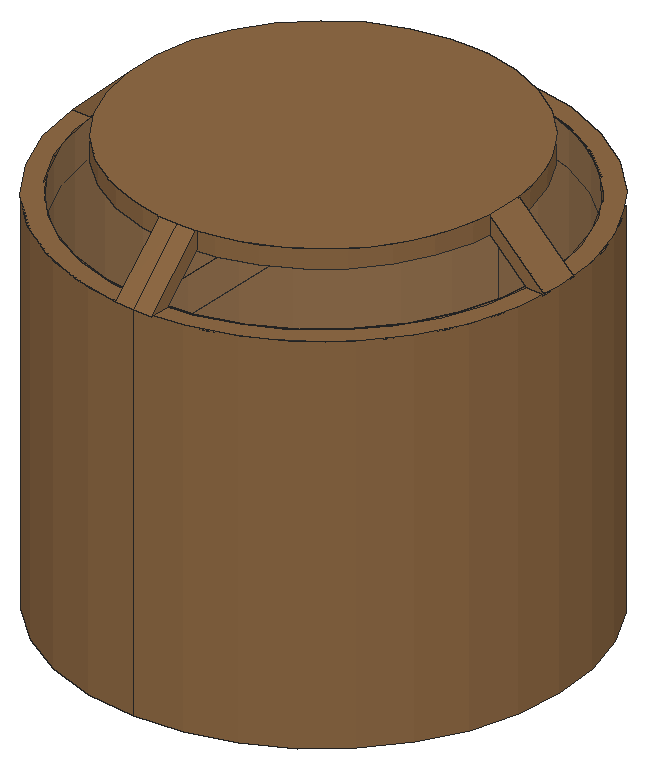
Revit family "LTV8DM", category Lighting Fixtures, host Face, Revit 2021
Family settings
  Host = Face
  Round Connector Dimension = Use Diameter
  Part Type = Normal
  OmniClass Number = 23.80.70.14.14
  OmniClass Title = Exterior Floodlights
  Cut with Voids When Loaded = No
  Light Source = Yes
  Shared = No
  Room Calculation Point = No
Parameters (values of type "LTV81DM")
  Wattage = 9.2903 W
  built-in parameter 1150110 = 1 (stored number, unit not read)
  Voltage = 120 V
  URL = "https://www.currentlighting.com/kimlighting"
  built-in parameter 1114217 = 1 (stored number, unit not read)
  Tilt Angle = 90.00°
  built-in parameter 1150109 = 1 (stored number, unit not read)
  built-in parameter 1150134 = 3
  built-in parameter 1150113 = 1 (stored number, unit not read)
  Product Page URL = ""
  Product Documentation Link = ""
  Power Factor = 1
  Photometric Web File = "ltv81dm-24l3k.ies"
  Photometric Notes = "More IES files download on Photometric Web Link"  # constant formula
  Nominal Watts = 31 W
  Model = "Lightvault® LTV8DM Directional Marker"  # constant formula
  Manufacturer = "Kim Lighting"  # constant formula
  built-in parameter 1150105 = 109.82 (stored number, unit not read)
  Lumens = 1380 lm
  built-in parameter 1150115 = 1 (stored number, unit not read)
  Load Classification = Lighting
  built-in parameter 1150137 = (empty or 0)
  built-in parameter 1150139 = (empty or 0)
  Glass = White Glass
  built-in parameter 1150112 = 1 (stored number, unit not read)
  built-in parameter 1150114 = 1 (stored number, unit not read)
  Lamp = "LED"
  built-in parameter 1150132 = (empty or 0)
  built-in parameter 1150102 = (empty or 0)
  built-in parameter 1150107 = 3200 (stored number, unit not read)
  built-in parameter 1150138 = (empty or 0)
  built-in parameter 1150106 = 1.0982 (stored number, unit not read)
  Fixture = LTV8D : LTV81DM
  Housing Material = Powdercoat - Bronze
  Emit from Circle Diameter = 4.000"
  Emit Shape Visible in Rendering = no
  built-in parameter 1150104 = 13.8 (stored number, unit not read)
  Dimming Lamp Color Temperature Shift = <None>
  Description = "Directional marker for drive way applications or path finding"  # constant formula
  Default Elevation = 48.000"
  Color Filter = 16777215
  built-in parameter 1114218 = 1 (stored number, unit not read)
  built-in parameter 1150133 = 10 (stored number, unit not read)
  Apparent Load = 0 VA
Types (3): name | Photometric Web File | Nominal Watts | Fixture
  LTV81DM | "ltv81dm-24l3k.ies" | 31 W | LTV8D : LTV81DM
  LTV82DM | "ltv82dm-18l3k.ies" | 23 W | LTV8D : LTV82DM
  LTV83DM | "ltv83dm-12l3k.ies" | 14 W | LTV8D : LTV83DM
Reference planes (in)
  plane 1 "Center (Front/Back)": y = 0
  plane 2: z = 0
  plane 3 "Center (Left/Right)": x = 0
Forms (in)
  Extrusion 1, void
    sketch origin (0, 0, 0) x (1, 0, 0) y (0, 1, 0)
      loop
        circle (0, 0) r 4
    from 0 to -10
Dimensions and locks (in)
  aligned and locked: plane 2 to host face
  aligned and locked: level to host face
  aligned and locked: plane 3 "Center (Left/Right)" to nested 1
  aligned and locked: plane 1 "Center (Front/Back)" to nested 1
  aligned and locked: plane 3 "Center (Left/Right)" to Extrusion 1 sketch curve
  aligned and locked: plane 1 "Center (Front/Back)" to Extrusion 1 sketch curve
  aligned and locked: level to Extrusion 1
Nested families (in)
  nested 1: "LTV8D" at (0, 0, 0), Lens <- "Glass", Finish <- "Housing Material", type <- "Fixture", type "LTV81DM"
    with Lens White Glass, Finish Powdercoat - Bronze, Height 1.4375", Diameter 13.000", Depth 10.000"
Connectors (in)
  electrical at (0, 0, -10), driven by "Voltage", driven by "Apparent Load", driven by "Power Factor", driven by "Load Classification"
    settings: on nested 1, index 1, voltage 120 V, apparent load 0 VA, apparent load phase1 0 VA, apparent load phase2 0 VA, apparent load phase3 0 VA, power factor 1, load classification "Lighting", number of poles 1, system type 30, power factor state 1, is connector primary yes, connector utility no, sub classification motor no, connector description "Lighting Connector"
Definition of nested family "LTV8D"
  Parameters
    URL = "http://www.kimlighting.com/"
    Product Page URL = ""
    Product Documentation Link = ""
    Manufacturer Phone = "626/968-5666"  # constant formula
    Manufacturer Fax = "626/968-5716"  # constant formula
    Manufacturer = "Kim Lighting"  # constant formula
    Lens [instance] = none
    Height = 1.125"
    Finish [instance] = none
    Diameter = 10.375"
    Depth = 9.875"
    Default Elevation = 48.000"
  Reference planes (in)
    plane 1 "Center (Front/Back)": y = 0
    plane 2: z = 0
    plane 3 "Center (Left/Right)": x = 0
    plane 4: y = 5.1875
    plane 5: y = -5.1875
    plane 6: z = 1.125
    plane 7: z = -9.875
    plane 8: y = 4.6875
    plane 9: z = -9.375
    plane 10: y = -4.6875
    plane 11: z = 0.625
    plane 12: y = -3.6875
    plane 13: y = 3.6875
    plane 14: x = 0.5
    plane 15: x = -0.5
    plane 16: z = -1
    plane 17: y = 0.5
    plane 18: y = -0.5
  Forms (in)
    Revolve 1, solid, material <- "Finish"
      sketch origin (0, 0, 0) x (0, 1, 0) y (0, 0, 1)
        loop
          line (5.1875, 0) -> (4.6875, 0) -> (4.6875, -9.375) -> (0, -9.375) -> (0, -9.875) -> (5.1875, -9.875) -> (5.1875, 0)
        axis (0, 0) -> (0, -9.875)
      angle from 0 to 360
    Revolve 2, solid, material <- "Finish"
      sketch origin (0, 0, 0) x (0, 1, 0) y (0, 0, 1)
        loop
          line (0, 1.125) -> (-3.6875, 1.125) -> (-3.6875, 0.625) -> (0, 0.625) -> (0, 1.125)
        axis (0, 1.125) -> (0, 0.625)
      angle from 0 to 360
    Blend 3, solid, material <- "Finish"
      base sketch origin (0, 0, 0) x (1, 0, 0) y (0, 1, 0)
        loop
          arc (0.5, 5.16335) -> (0.25029, 5.18146) -> (0, 5.1875) r 5.1875
          arc (0, 5.1875) -> (-0.25029, 5.18146) -> (-0.5, 5.16335) r 5.1875
          line (-0.5, 5.16335) -> (-0.5, 4.66076)
          arc (-0.5, 4.66076) -> (-0.25036, 4.68081) -> (0, 4.6875) r 4.6875
          arc (0, 4.6875) -> (0.25036, 4.68081) -> (0.5, 4.66076) r 4.6875
          line (0.5, 4.66076) -> (0.5, 5.16335)
      top sketch origin (0, 0, 0) x (1, 0, 0) y (0, 1, 0)
        loop
          arc (0, 3.6875) -> (-0.25058, 3.67898) -> (-0.5, 3.65344) r 3.6875
          line (-0.5, 3.65344) -> (-0.5, 3.15183)
          arc (-0.5, 3.15183) -> (-0.25036, 3.1719) -> (0, 3.17859) r 4.6844
          arc (0, 3.17859) -> (0.25036, 3.1719) -> (0.5, 3.15183) r 4.6844
          line (0.5, 3.15183) -> (0.5, 3.65344)
          arc (0.5, 3.65344) -> (0.25058, 3.67898) -> (0, 3.6875) r 3.6875
      from 0 to 1.125
    Blend 4, solid, material <- "Finish"
      base sketch origin (0, 1.29324, 0) x (1, 0, 0) y (0, 1, 0)
        loop
          line (0.5, -6.47585) -> (0.5, -5.97326)
          arc (0.5, -5.97326) -> (0.25036, -5.99331) -> (0, -6) r 4.6875
          arc (0, -6) -> (-0.25036, -5.99331) -> (-0.5, -5.97326) r 4.6875
          line (-0.5, -5.97326) -> (-0.5, -6.47585)
          arc (-0.5, -6.47585) -> (-0.25029, -6.49396) -> (0, -6.5) r 5.1875
          arc (0, -6.5) -> (0.25029, -6.49396) -> (0.5, -6.47585) r 5.1875
      top sketch origin (0, 1.29324, 0) x (1, 0, 0) y (0, 1, 0)
        loop
          arc (0, -5) -> (0.25058, -4.99148) -> (0.5, -4.96594) r 3.6875
          line (0.5, -4.96594) -> (0.5, -4.46433)
          arc (0.5, -4.46433) -> (0.25036, -4.4844) -> (0, -4.49109) r 4.6844
          arc (0, -4.49109) -> (-0.25036, -4.4844) -> (-0.5, -4.46433) r 4.6844
          line (-0.5, -4.46433) -> (-0.5, -4.96594)
          arc (-0.5, -4.96594) -> (-0.25058, -4.99148) -> (0, -5) r 3.6875
      from 0 to 1.125
    Revolve 5, solid, material <- "Lens"
      sketch origin (0, 0, 0) x (0, 1, 0) y (0, 0, 1)
        loop
          line (4.66076, 0) -> (0, 0) -> (0, -1) -> (4.66076, -1) -> (4.66076, 0)
        axis (0, 0) -> (0, -1)
      angle from 0 to 360
    Blend 6, solid, material <- "Finish"
      base sketch origin (0, 0, 0) x (1, 0, 0) y (0, 1, 0)
        loop
          arc (5.16335, -0.5) -> (5.1875, 0) -> (5.16335, 0.5) r 5.1875
          line (5.16335, 0.5) -> (4.66076, 0.5)
          arc (4.66076, 0.5) -> (4.6875, 0) -> (4.66076, -0.5) r 4.6875
          line (4.66076, -0.5) -> (5.16335, -0.5)
      top sketch origin (0, 0, 0) x (1, 0, 0) y (0, 1, 0)
        loop
          line (3.65344, 0.5) -> (3.15085, 0.5)
          arc (3.15085, 0.5) -> (3.1776, 0) -> (3.15085, -0.5) r 4.6875
          line (3.15085, -0.5) -> (3.65344, -0.5)
          arc (3.65344, -0.5) -> (3.6875, 0) -> (3.65344, 0.5) r 3.6875
      from 0 to 1.125
    Blend 7, solid, material <- "Finish"
      base sketch origin (0, 0, 0) x (0, 1, 0) y (-1, 0, 0)
        loop
          line (-0.5, 5.16335) -> (-0.5, 4.66076)
          arc (-0.5, 4.66076) -> (-0.25036, 4.68081) -> (0, 4.6875) r 4.6875
          arc (0, 4.6875) -> (0.25036, 4.68081) -> (0.5, 4.66076) r 4.6875
          line (0.5, 4.66076) -> (0.5, 5.16335)
          arc (0.5, 5.16335) -> (0, 5.1875) -> (-0.5, 5.16335) r 5.1875
      top sketch origin (0, 0, 0) x (0, 1, 0) y (-1, 0, 0)
        loop
          arc (0.5, 3.65344) -> (0, 3.6875) -> (-0.5, 3.65344) r 3.6875
          line (-0.5, 3.65344) -> (-0.5, 3.16083)
          arc (-0.5, 3.16083) -> (-0.25022, 3.17648) -> (0, 3.1817) r 6
          arc (0, 3.1817) -> (0.25022, 3.17648) -> (0.5, 3.16083) r 6
          line (0.5, 3.16083) -> (0.5, 3.65344)
      from 0 to 1.125
  Cuts and joins
    joined: Revolve 1, Revolve 2, Blend 3, Blend 4, Blend 6, Blend 7
  Dimensions and locks (in)
    equal spacing: plane 4, plane 1 "Center (Front/Back)", plane 5  (x2)
    "Diameter": plane 4 to plane 5
    "Depth": plane 7 to plane 2
    "Height": plane 6 to level
    locked: plane 4 to plane 8 at 0.5
    locked: plane 9 to plane 7 at 0.5
    locked: plane 6 to plane 11 at 0.5
    equal spacing: plane 8, plane 1 "Center (Front/Back)", plane 10
    equal spacing: plane 13, plane 1 "Center (Front/Back)", plane 12
    equal spacing: plane 15, plane 3 "Center (Left/Right)", plane 14
    locked: level to plane 16 at 1
    locked: plane 12 to plane 5 at 1.5
    equal spacing: plane 18, plane 1 "Center (Front/Back)", plane 17
    aligned and locked: plane 2 to level
    aligned and locked: plane 1 "Center (Front/Back)" to Revolve 1 sketch curve
    aligned and locked: level to Revolve 1 sketch curve
    aligned and locked: Revolve 1 sketch curve to plane 7
    aligned and locked: plane 9 to Revolve 1 sketch curve
    aligned and locked: Revolve 1 sketch curve to Revolve 1 sketch curve
    aligned and locked: plane 8 to Revolve 1 sketch curve
    aligned and locked: Revolve 1 sketch curve to plane 4
    aligned and locked: plane 6 to Revolve 2 sketch curve
    aligned and locked: Revolve 2 sketch curve to plane 1 "Center (Front/Back)"
    aligned and locked: Revolve 2 sketch curve to plane 11
    aligned and locked: plane 12 to Revolve 2 sketch curve
    aligned and locked: plane 1 "Center (Front/Back)" to Revolve 2 sketch curve
    aligned and locked: plane 6 to Blend 3
    aligned and locked: Blend 3 to level
    aligned and locked: cut or joined group of Revolve 1, Revolve 2, Blend 3, Blend 4, Blend 6, Blend 7 to Revolve 5 sketch curve
    aligned and locked: Revolve 5 sketch curve to cut or joined group of Revolve 1, Revolve 2, Blend 3, Blend 4, Blend 6, Blend 7
    aligned and locked: Revolve 5 sketch curve to plane 16
    aligned and locked: plane 1 "Center (Front/Back)" to Revolve 5 sketch curve  (x2)
    aligned and locked: Blend 6 sketch curve to cut or joined group of Revolve 1, Revolve 2, Blend 3, Blend 4, Blend 6, Blend 7  (x3)
    aligned and locked: Blend 6 sketch curve to plane 17  (x2)
    aligned and locked: plane 18 to Blend 6 sketch curve  (x2)
    aligned and locked: Blend 6 to level
    aligned and locked: plane 6 to Blend 6
    aligned and locked: plane 6 to cut or joined group of Revolve 1, Revolve 2, Blend 3, Blend 4, Blend 6, Blend 7
    aligned and locked: Blend 7 sketch curve to cut or joined group of Revolve 1, Revolve 2, Blend 3, Blend 4, Blend 6, Blend 7  (x4)
    aligned and locked: plane 6 to Blend 7
  Automatic sketch dimensions
    Revolve 1 sketch curve to plane 7 = 14.000"
    plane 6 to Revolve 1 sketch curve = 90.83836"
    Revolve 2 sketch curve to plane 7 = 14.000"
    Revolve 2 sketch curve to Revolve 2 sketch curve = 90.83836"
    Blend 3 sketch curve to Blend 3 sketch curve = 0.000"  (x16)
    Blend 3 sketch curve to plane 15 = 0.000"  (x2)
    plane 1 "Center (Front/Back)" to Blend 3 sketch curve = 0.000"  (x2)
    Blend 3 sketch curve to plane 3 "Center (Left/Right)" = 0.000"  (x3)
    Blend 3 sketch curve to plane 14 = 0.000"  (x2)
    plane 8 to Blend 3 sketch curve = 0.000"
    plane 4 to Blend 3 sketch curve = 0.000"
    Blend 3 sketch curve to plane 13 = 0.000"
    plane 18 to Blend 3 sketch curve = 1.0058"
    Blend 3 sketch curve to Blend 3 sketch curve = 0.50161"
    Blend 4 sketch curve to Blend 4 sketch curve = 0.000"  (x16)
    Blend 4 sketch curve to plane 15 = 0.000"  (x2)
    Blend 4 sketch curve to plane 3 "Center (Left/Right)" = 0.000"  (x3)
    Blend 4 sketch curve to plane 14 = 0.000"  (x2)
    Blend 4 sketch curve to plane 1 "Center (Front/Back)" = 0.01926"  (x2)
    Blend 4 sketch curve to plane 10 = 0.00748"
    Blend 4 sketch curve to plane 5 = 0.00489"
    Blend 4 sketch curve to plane 17 = 0.98654"
    plane 12 to Blend 4 sketch curve = 0.51641"
    plane 12 to Blend 4 sketch curve = 0.0148"
    Revolve 5 sketch curve to plane 7 = 14.000"
    plane 6 to Revolve 5 sketch curve = 90.83836"
    Blend 6 sketch curve to Blend 6 sketch curve = 1.5099"
    Blend 6 sketch curve to Blend 6 sketch curve = 0.000"
    Blend 6 sketch curve to Blend 6 sketch curve = 0.50259"
    Blend 7 sketch curve to Blend 7 sketch curve = 0.000"
    plane 18 to Blend 7 sketch curve = 0.000"  (x2)
    plane 1 "Center (Front/Back)" to Blend 7 sketch curve = 0.000"
    plane 14 to Blend 7 sketch curve = 2.3183"
    Blend 7 sketch curve to Blend 7 sketch curve = 0.49262"
    Blend 7 sketch curve to plane 17 = 0.000"  (x2)
